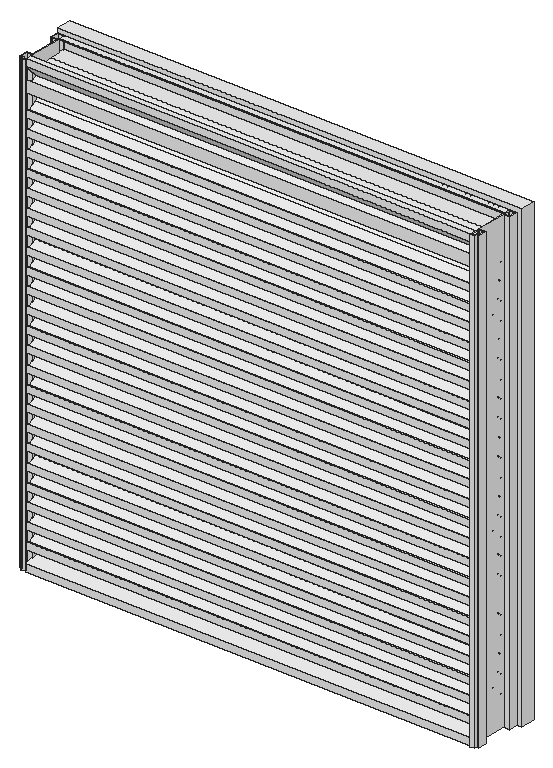
Revit family
Parameters
  Weight = "7 lb/sq.ft."  # constant formula
  Warranty = "All materials and workmanship are warranted for a period of 1 year from date of completion."  # constant formula
  URL = "http://www.industriallouvers.com"
  Surface Finish = "Aluminum, Anodized, or Kynar finish"  # constant formula
  Support Material = Aluminum
  Subcategory = "Hurricane – Florida Approved"  # constant formula
  Static Pressure Loss = ".15” of water gage @ an air flow of 737.9 FPM free area velocity"  # constant formula
  Specifications  URL = "http://www.industriallouvers.com/downloads/Hurricane/SP537DC_SD.doc"
  Screen Width [instance] = Louver Width - 0' 0 1/2"  # 3' - 11 1/2"
  Screen Material = Screen Material
  Screen Height [instance] = Louver Height - 0' 0 1/2"  # 3' - 11 1/2"
  SMARTBIM URL = "http://www.SMARTBIM.com"
  SMARTBIM Object Version = 3  # constant formula
  SMARTBIM Object Created By = "SMARTBIM, LLC"  # constant formula
  SMARTBIM Contact = "mailto:SMARTBIM@SMARTBIM.com"
  Product Submittal URL = "http://www.industriallouvers.com/downloads/Hurricane/SP537DC_PS.pdf"
  Product Page URL = "http://www.industriallouvers.com/lv_hfa.php  "
  Model = "SP537DC"  # constant formula
  Minimum Height = 1' - 0"  # constant formula
  Miami Dade County = "NOA # 08-0513.08"  # constant formula
  Maximum Water Penetration = ".01 oz at an air flow of 1160.6 FPM"  # constant formula
  Maximum Size - Single Section = "One dimension not to exceed 78\" or 300 lbs"
  Max. Design Load = "120 PSF"  # constant formula
  Material = "Aluminum"  # constant formula
  Manufacturer Toll Free Phone = "1-800-328-3421"  # constant formula
  Manufacturer Phone = "763-972-2981"  # constant formula
  Manufacturer Fax = "763-972-2911"  # constant formula
  Manufacturer Email = "mailto:ilinfo@industriallouvers.com"
  Manufacturer Address = "511 S. 7th Street, Delano, MN 55328"  # constant formula
  Manufacturer = "Industrial Louvers, Inc."  # constant formula
  Maintenance = "http://www.industriallouvers.com/prod-forms/Maintenance%20Instructions.pdf"
  Louver Width [instance] = 4' - 0"
  Louver Height [instance] = 4' - 0"
  Intake Capacity (CFM) @ Class A Rating 50mph = "7435 CFM"  # constant formula
  Intake Capacity (CFM) @ Class A Rating 29mph = "7243 CFM"  # constant formula
  Intake Capacity (CFM) @ Class A Rating = "5166 CFM"  # constant formula
  Installation URL = ""
  Height [instance] = if(Louver Height < 1' 0", 1' 0", Louver Height)  # 4' - 0"
  Free Area for 48”x48” Louver = "50.9%"  # constant formula
  Free Area Velocity (fpm) @ Class A Rating 50mph = "1192 FPM"  # constant formula
  Free Area Velocity (fpm) @ Class A Rating 29mph = "1161 FPM"  # constant formula
  Free Area Velocity (fpm) @ Class A Rating = "848 FPM"  # constant formula
  Free Area (ft²) for 48" x 48" Louver = "8.15"  # constant formula
  Frame Material = Aluminum
  Florida Building Code Approval = "NOA # 08-0513.08"  # constant formula
  Description = "Hurricane – Florida Approved "  # constant formula
  Depth = 0' - 5"  # constant formula
  Default Elevation = 0' - 0"
  Cost Info = "Contact Factory"  # constant formula
  CAD Drawings = "http://www.industriallouvers.com/downloads/Hurricane/SP537DC_ACD.dwg"
  Blade Width [instance] = Louver Width - 0' 1 1/2"  # 3' - 10 1/2"
  Blade Region Height [instance] = (Blade Count) * 0' 1 13/16"  # 3' - 5 11/16"
  Blade Material = Aluminum
  Blade Count [instance] = if(Louver Height < 1' 0", (1' 0" - 0' 5 3/4") / 0' 1 13/16", (Louver Height - 0' 5 3/4") / 0' 1 13/16")  # 23
  Assembly Code = "B2010300"
  95 CSI = "10200"  # constant formula
  04 CSI = "08 91 00"  # constant formula
Reference planes (in)
  plane 1 "Center (Front/Back)": y = -0.11
  plane 2: z = 0
  plane 3 "Center (Left/Right)": x = 0
  plane 4: x = -24
  plane 5: x = 24
  plane 6: x = -23.25
  plane 7: x = 23.25
  plane 8 "Back of Blade": y = 2.45187
  plane 9: z = 2.33975
  plane 10: z = 44.02725
  plane 11: z = 48.5
  plane 12 "Back of Screen": y = 2.79687
  plane 13: z = 47
  plane 14: y = 2.85687
  plane 15: z = 48.375
  plane 16: z = 0.125
  plane 17: y = 4.35687
  plane 18 "Front of Louver": y = -2.67188
  plane 19: z = 48.25
  plane 20: z = 0.25
  plane 21: y = 2.37087
  plane 22: x = -24.25
  plane 23: x = 24.25
Forms (in)
  Extrusion 1, solid, material "Aluminum" <- "Frame Material"
    sketch origin (-10, 22.75594, 29.61826) x (1, 0, 0) y (0, 1, 0)
      loop
        line (33.75, -25.42782) -> (33.75, -25.17782) -> (34, -25.17782) -> (34, -24.34807) -> (33.331, -24.34807) -> (33.331, -21.17782) -> (34, -21.17782) -> (34, -20.30407) -> (33.25, -20.30407) -> (33.25, -20.38507) -> (33.91797, -20.38507) -> (33.91797, -21.09682) -> (33.25, -21.09682) -> (33.25, -24.42901) -> (33.919, -24.42901) -> (33.919, -25.09578) -> (33.669, -25.09578) -> (33.669, -25.34807) -> (33.25, -25.34807) -> (33.25, -25.42782) -> (33.75, -25.42782)
    from -29.36826 to 18.63174
  Extrusion 2, solid, material "Aluminum" <- "Frame Material"
    sketch origin (10, -22.75594, 29.61826) x (-1, 0, 0) y (0, -1, 0)
      loop
        line (33.75, -20.08407) -> (33.25, -20.08407) -> (33.25, -20.16381) -> (33.669, -20.16381) -> (33.669, -20.4161) -> (33.919, -20.4161) -> (33.919, -21.08287) -> (33.25, -21.08287) -> (33.25, -24.41507) -> (33.91797, -24.41507) -> (33.91797, -25.14481) -> (33.25, -25.14481) -> (33.25, -25.20781) -> (34, -25.20781) -> (34, -24.33407) -> (33.331, -24.33407) -> (33.331, -21.16381) -> (34, -21.16381) -> (34, -20.33407) -> (33.75, -20.33407) -> (33.75, -20.08407)
    from -29.28726 to 18.63174
  Sweep 3, solid, material "Aluminum" <- "Support Material"
    path origin (0, -0.11, 0) x (1, 0, 0) y (0, 0, 1)
      loop
        line (-24.25, 48.5) -> (-24.25, 0) -> (24.25, 0) -> (24.25, 48.5) -> (-24.25, 48.5)
    profile origin (0, -0.11, 48.5) x (0, 0, 1) y (0, -1, 0)
      loop
        line (0, -2.96687) -> (-1.5, -2.96687) -> (-1.5, -3.09187) -> (-0.125, -3.09187) -> (-0.125, -4.46687) -> (0, -4.46687) -> (0, -2.96687)
  Extrusion 4, solid, material "Aluminum" <- "Frame Material"
    sketch origin (0, -23.956, 12.25956) x (0, 1, 0) y (0, 0, 1)
      loop
        line (21.40787, 34.08044) -> (21.40787, 32.83044) -> (22.50924, 33.86904)
        arc (22.50924, 33.86904) -> (23.46016, 34.47461) -> (24.56745, 34.68644) r 3
        line (24.56745, 34.68644) -> (26.32687, 34.68644) -> (26.32687, 33.02599) -> (26.06315, 33.28972) -> (26.00587, 33.23244) -> (26.40787, 32.83044) -> (26.40787, 35.99044) -> (25.78287, 35.99044) -> (25.78287, 35.90944) -> (26.32687, 35.90944) -> (26.32687, 34.76744) -> (24.56745, 34.76744)
        arc (24.56745, 34.76744) -> (23.53357, 34.58879) -> (22.61958, 34.07357) r 3.081
        line (22.61958, 34.07357) -> (21.48887, 35.27261) -> (21.48887, 35.90944) -> (22.03287, 35.90944) -> (22.03287, 35.99044) -> (21.40787, 35.99044) -> (21.40787, 35.24044) -> (22.55523, 34.02375) -> (21.48887, 33.01816) -> (21.48887, 33.99944) -> (21.40787, 34.08044)
    from -23.25 to 23.25
  Extrusion 5, solid, material "Aluminum" <- "Frame Material"
    sketch origin (0, 13.3807, 7.39335) x (0, 1, 0) y (0, 0, 1)
      loop
        line (-11.00983, -4.30335) -> (-11.00983, -5.0536) -> (-16.00983, -6.39335) -> (-16.00983, -7.14335) -> (-15.38483, -7.14335) -> (-15.38483, -7.06235) -> (-15.92883, -7.06235) -> (-15.92883, -6.4555) -> (-15.27733, -6.28093) -> (-14.84233, -6.28093) -> (-14.84233, -6.16437) -> (-11.94783, -5.38879) -> (-11.51283, -5.38879) -> (-11.51283, -5.27224) -> (-11.00983, -5.13746) -> (-11.00983, -7.06235) -> (-11.17883, -7.06235) -> (-11.17883, -7.14335) -> (-10.92883, -7.14335) -> (-10.92883, -4.30335) -> (-11.00983, -4.30335)
    from -23.25 to 23.25
Cuts and joins
  joined: Extrusion 1, Extrusion 2
Dimensions and locks (in)
  equal spacing: plane 4, plane 3 "Center (Left/Right)", plane 5
  "Louver Width": plane 4 to plane 5
  locked: plane 4 to plane 6 at 0.75
  locked: plane 7 to plane 5 at 0.75
  "Blade Region Height": plane 10 to plane 9
  locked: plane 9 to level at 2.33975
  "Louver Height": plane 19 to plane 20
  locked: plane 17 to plane 12 "Back of Screen" at 1.56
  locked: plane 11 to plane 13 at 1.5
  locked: plane 11 to plane 15 at 0.125
  locked: plane 16 to level at 0.125
  locked: plane 12 "Back of Screen" to plane 8 "Back of Blade" at 0.345
  equal spacing: plane 8 "Back of Blade", plane 1 "Center (Front/Back)", plane 18 "Front of Louver"
  locked: plane 11 to plane 19 at 0.25
  locked: plane 20 to level at 0.25
  locked: plane 14 to plane 12 "Back of Screen" at 0.06
  locked: plane 20 to Extrusion 5 sketch curve at 0.081  (x2)
  locked: plane 20 to Extrusion 5 sketch curve at 2.84
  locked: plane 20 to Extrusion 5 sketch curve at 1.75455
  locked: plane 20 to Extrusion 5 sketch curve at 0.86242
  locked: plane 20 to Extrusion 5 sketch curve at 2.08975
  locked: Extrusion 5 sketch curve to Extrusion 5 sketch curve at 0.081
  locked: plane 8 "Back of Blade" to plane 21 at 0.081
  equal spacing: group 1, group 3, group 4, group 5, group 6, group 7, group 8, group 9, group 10, group 11, group 12, group 13, group 14, group 15, group 16, group 17, group 18, group 19, group 20, group 21, group 22, group 23, group 2  (x3)
  locked: plane 5 to plane 23 at 0.25
  locked: plane 22 to plane 4 at 0.25
  plane 9 to level = 0' - 2.33975"
  aligned and locked: nested 1 to plane 12 "Back of Screen"
  aligned and locked: nested 1 to plane 8 "Back of Blade"
  aligned: plane 11 to Extrusion 1
  aligned: Extrusion 1 to level
  aligned: Extrusion 2 to level
  aligned: plane 11 to Extrusion 2
  aligned and locked: plane 3 "Center (Left/Right)" to nested 2
  aligned and locked: plane 3 "Center (Left/Right)" to nested 1
  aligned and locked: Extrusion 1 sketch curve to nested 1
  aligned and locked: plane 20 to nested 1
  aligned and locked: Extrusion 4 to plane 6
  aligned and locked: plane 7 to Extrusion 4
  aligned and locked: plane 20 to Extrusion 5 sketch curve
  aligned and locked: Extrusion 5 sketch curve to plane 20
  aligned and locked: plane 9 to nested 2
  aligned and locked: plane 21 to nested 2
  aligned and locked: plane 10 to nested 3
  aligned and locked: Extrusion 5 to plane 6
  aligned and locked: plane 7 to Extrusion 5
  aligned and locked: plane 23 to Sweep 3 sketch curve
  aligned and locked: plane 22 to Sweep 3 sketch curve
  aligned and locked: Sweep 3 sketch curve to plane 11
  aligned and locked: Sweep 3 sketch curve to level
  aligned and locked: Extrusion 2 to plane 19
  aligned and locked: Extrusion 2 to Extrusion 5
  aligned and locked: plane 20 to cut or joined group of Extrusion 1, Extrusion 2
  aligned and locked: cut or joined group of Extrusion 1, Extrusion 2 to plane 19  (x2)
  aligned and locked: nested 1 to plane 13
  aligned and locked: nested 1 to plane 20
Automatic sketch dimensions
  Extrusion 1 sketch curve to plane 7 = 0' - 0"  (x3)
  plane 18 "Front of Louver" to Extrusion 1 sketch curve = 0' - 0"
  Extrusion 1 sketch curve to plane 5 = 0' - 0"  (x2)
  plane 7 to Extrusion 1 sketch curve = 0' - 0.081"
  Extrusion 1 sketch curve to plane 5 = 0' - 0.331"
  Extrusion 1 sketch curve to Extrusion 1 sketch curve = 0' - 0.081"  (x2)
  Extrusion 1 sketch curve to plane 5 = 0' - 0 21/256"
  Extrusion 1 sketch curve to plane 5 = 0' - 0.081"
  Extrusion 1 sketch curve to plane 18 "Front of Louver" = 0' - 0.07975"
  Extrusion 1 sketch curve to plane 18 "Front of Louver" = 0' - 0 1/4"
  Extrusion 1 sketch curve to Extrusion 1 sketch curve = 0' - 0 21/256"
  Extrusion 1 sketch curve to Extrusion 1 sketch curve = 0' - 0.66678"
  Extrusion 1 sketch curve to Extrusion 1 sketch curve = 0' - 0.08094"
  Extrusion 1 sketch curve to plane 8 "Back of Blade" = 0' - 0.87375"
  Extrusion 1 sketch curve to plane 8 "Back of Blade" = 0' - 0.081"
  Extrusion 2 sketch curve to plane 6 = 0' - 0"  (x3)
  plane 18 "Front of Louver" to Extrusion 2 sketch curve = 0' - 0"
  Extrusion 2 sketch curve to plane 4 = 0' - 0"  (x2)
  Extrusion 2 sketch curve to plane 8 "Back of Blade" = 0' - 0"
  Extrusion 2 sketch curve to plane 6 = 0' - 0.081"
  plane 4 to Extrusion 2 sketch curve = 0' - 0.331"
  Extrusion 2 sketch curve to Extrusion 2 sketch curve = 0' - 0.081"  (x2)
  plane 4 to Extrusion 2 sketch curve = 0' - 0 21/256"
  plane 4 to Extrusion 2 sketch curve = 0' - 0.081"
  Extrusion 2 sketch curve to Extrusion 2 sketch curve = 0' - 0.063"
  Extrusion 2 sketch curve to Extrusion 2 sketch curve = 0' - 0.72975"
  Extrusion 2 sketch curve to plane 18 "Front of Louver" = 0' - 1.07975"
  Extrusion 2 sketch curve to Extrusion 2 sketch curve = 0' - 0.08094"
  Extrusion 2 sketch curve to plane 18 "Front of Louver" = 0' - 0 85/256"
  Extrusion 2 sketch curve to Extrusion 2 sketch curve = 0' - 0 21/256"
  Extrusion 2 sketch curve to plane 18 "Front of Louver" = 0' - 0.07975"
  profile plane to Sweep 3 sketch curve = 0' - 0"
  profile plane to Sweep 3 sketch curve = 0' - 0 1/8"
  Sweep 3 sketch curve to Sweep 3 sketch curve = 0' - 1 3/8"  (x2)
  Sweep 3 sketch curve to plane 1 "Center (Front/Back)" = 0' - 4.46687"
  Sweep 3 sketch curve to Sweep 3 sketch curve = 0' - 0 1/8"
  Extrusion 4 sketch curve to Extrusion 4 sketch curve = 0' - 0"  (x2)
  plane 19 to Extrusion 4 sketch curve = 0' - 0"  (x2)
  Extrusion 4 sketch curve to plane 8 "Back of Blade" = 0' - 0"
  Extrusion 4 sketch curve to plane 8 "Back of Blade" = 0' - 0.081"  (x2)
  Extrusion 4 sketch curve to plane 8 "Back of Blade" = 0' - 0.34472"
  Extrusion 4 sketch curve to Extrusion 4 sketch curve = 0' - 0.05728"  (x2)
  plane 19 to Extrusion 4 sketch curve = 0' - 0.081"  (x2)
  Extrusion 4 sketch curve to Extrusion 4 sketch curve = 0' - 0.544"
  Extrusion 4 sketch curve to plane 13 = 0' - 0.054"
  Extrusion 4 sketch curve to plane 1 "Center (Front/Back)" = 0' - 0.72146"
  plane 1 "Center (Front/Back)" to Extrusion 4 sketch curve = 0' - 1.22641"
  Extrusion 4 sketch curve to Extrusion 4 sketch curve = 0' - 0.06436"
  Extrusion 4 sketch curve to Extrusion 4 sketch curve = 0' - 0.04599"
  Extrusion 4 sketch curve to plane 18 "Front of Louver" = 0' - 0.74875"
  Extrusion 4 sketch curve to plane 18 "Front of Louver" = 0' - 0.20475"  (x2)
  Extrusion 4 sketch curve to plane 18 "Front of Louver" = 0' - 0.12375"
  Extrusion 4 sketch curve to Extrusion 4 sketch curve = 0' - 0.081"  (x2)
  Extrusion 4 sketch curve to plane 13 = 0' - 0.66"
  Extrusion 4 sketch curve to plane 13 = 0' - 0.66688"
  Extrusion 4 sketch curve to Extrusion 4 sketch curve = 0' - 0.04982"
  Extrusion 4 sketch curve to Extrusion 4 sketch curve = 0' - 0.15471"
  Extrusion 4 sketch curve to Extrusion 4 sketch curve = 0' - 1.39672"
  Extrusion 4 sketch curve to Extrusion 4 sketch curve = 0' - 0.98128"
  Extrusion 4 sketch curve to Extrusion 4 sketch curve = 0' - 0.18772"
  Extrusion 4 sketch curve to Extrusion 4 sketch curve = 0' - 0.03217"
  Extrusion 5 sketch curve to plane 8 "Back of Blade" = 0' - 0"
  Extrusion 5 sketch curve to plane 8 "Back of Blade" = 0' - 0.081"  (x2)
  Extrusion 5 sketch curve to Extrusion 5 sketch curve = 0' - 0.169"
  Extrusion 5 sketch curve to Extrusion 5 sketch curve = 0' - 0.503"
  Extrusion 5 sketch curve to Extrusion 5 sketch curve = 0' - 0.435"  (x2)
  Extrusion 5 sketch curve to plane 18 "Front of Louver" = 0' - 0.66775"
  Extrusion 5 sketch curve to plane 18 "Front of Louver" = 0' - 0.12375"
  Extrusion 5 sketch curve to plane 18 "Front of Louver" = 0' - 0.04275"
  Extrusion 5 sketch curve to Extrusion 5 sketch curve = 0' - 0.06215"
  Extrusion 5 sketch curve to Extrusion 5 sketch curve = 0' - 0.11656"  (x2)
  Extrusion 5 sketch curve to Extrusion 5 sketch curve = 0' - 0.08386"
Nested families (in)
  nested 1: "Louver Screen" at (18, 2.45187, 0.25), Height <- "Screen Height", Width <- "Screen Width", type "Louver Screen"
    with Width 3' - 11 1/2", Height 3' - 11 1/2", Depth 0' - 0.345"
  nested 2: "Louver-Blade_SP537DC_IndustrialLouver" at (0, 2.37087, 2.33975), type "Louver-Blade_SP537DC_IndustrialLouver"
    with Width 3' - 10 1/2"
  nested 3: "Louver-Blade_SP537DC_IndustrialLouver" at (0, 2.37087, 42.8), type "Louver-Blade_SP537DC_IndustrialLouver"
    with Width 3' - 10 1/2"
  nested 4: "Louver-Blade_SP537DC_IndustrialLouver" at (0, 2.37087, 4.17885), type "Louver-Blade_SP537DC_IndustrialLouver"
    with Width 3' - 10 1/2"
  nested 5: "Louver-Blade_SP537DC_IndustrialLouver" at (0, 2.37087, 6.01795), type "Louver-Blade_SP537DC_IndustrialLouver"
    with Width 3' - 10 1/2"
  nested 6: "Louver-Blade_SP537DC_IndustrialLouver" at (0, 2.37087, 7.85705), type "Louver-Blade_SP537DC_IndustrialLouver"
    with Width 3' - 10 1/2"
  nested 7: "Louver-Blade_SP537DC_IndustrialLouver" at (0, 2.37087, 9.69615), type "Louver-Blade_SP537DC_IndustrialLouver"
    with Width 3' - 10 1/2"
  nested 8: "Louver-Blade_SP537DC_IndustrialLouver" at (0, 2.37087, 11.53526), type "Louver-Blade_SP537DC_IndustrialLouver"
    with Width 3' - 10 1/2"
  nested 9: "Louver-Blade_SP537DC_IndustrialLouver" at (0, 2.37087, 13.37436), type "Louver-Blade_SP537DC_IndustrialLouver"
    with Width 3' - 10 1/2"
  nested 10: "Louver-Blade_SP537DC_IndustrialLouver" at (0, 2.37087, 15.21346), type "Louver-Blade_SP537DC_IndustrialLouver"
    with Width 3' - 10 1/2"
  nested 11: "Louver-Blade_SP537DC_IndustrialLouver" at (0, 2.37087, 17.05256), type "Louver-Blade_SP537DC_IndustrialLouver"
    with Width 3' - 10 1/2"
  nested 12: "Louver-Blade_SP537DC_IndustrialLouver" at (0, 2.37087, 18.89167), type "Louver-Blade_SP537DC_IndustrialLouver"
    with Width 3' - 10 1/2"
  nested 13: "Louver-Blade_SP537DC_IndustrialLouver" at (0, 2.37087, 20.73077), type "Louver-Blade_SP537DC_IndustrialLouver"
    with Width 3' - 10 1/2"
  nested 14: "Louver-Blade_SP537DC_IndustrialLouver" at (0, 2.37087, 22.56987), type "Louver-Blade_SP537DC_IndustrialLouver"
    with Width 3' - 10 1/2"
  nested 15: "Louver-Blade_SP537DC_IndustrialLouver" at (0, 2.37087, 24.40897), type "Louver-Blade_SP537DC_IndustrialLouver"
    with Width 3' - 10 1/2"
  nested 16: "Louver-Blade_SP537DC_IndustrialLouver" at (0, 2.37087, 26.24808), type "Louver-Blade_SP537DC_IndustrialLouver"
    with Width 3' - 10 1/2"
  nested 17: "Louver-Blade_SP537DC_IndustrialLouver" at (0, 2.37087, 28.08718), type "Louver-Blade_SP537DC_IndustrialLouver"
    with Width 3' - 10 1/2"
  nested 18: "Louver-Blade_SP537DC_IndustrialLouver" at (0, 2.37087, 29.92628), type "Louver-Blade_SP537DC_IndustrialLouver"
    with Width 3' - 10 1/2"
  nested 19: "Louver-Blade_SP537DC_IndustrialLouver" at (0, 2.37087, 31.76538), type "Louver-Blade_SP537DC_IndustrialLouver"
    with Width 3' - 10 1/2"
  nested 20: "Louver-Blade_SP537DC_IndustrialLouver" at (0, 2.37087, 33.60448), type "Louver-Blade_SP537DC_IndustrialLouver"
    with Width 3' - 10 1/2"
  nested 21: "Louver-Blade_SP537DC_IndustrialLouver" at (0, 2.37087, 35.44359), type "Louver-Blade_SP537DC_IndustrialLouver"
    with Width 3' - 10 1/2"
  nested 22: "Louver-Blade_SP537DC_IndustrialLouver" at (0, 2.37087, 37.28269), type "Louver-Blade_SP537DC_IndustrialLouver"
    with Width 3' - 10 1/2"
  nested 23: "Louver-Blade_SP537DC_IndustrialLouver" at (0, 2.37087, 39.12179), type "Louver-Blade_SP537DC_IndustrialLouver"
    with Width 3' - 10 1/2"
  nested 24: "Louver-Blade_SP537DC_IndustrialLouver" at (0, 2.37087, 40.96089), type "Louver-Blade_SP537DC_IndustrialLouver"
    with Width 3' - 10 1/2"
Connectors (in)
  hvac at (0, 2.98187, 24.25), driven by "Louver Width", driven by "Louver Height"
    settings: on Sweep 3, index 1, duct flow 0 CFM, flow factor 0, pres drop 0.00 in-wg, loss coef 0, conn angle 0.00°, conn width 48", conn height 48", conn radius 12", duct sys type 1, conn prof type 1, flow config 0, flow direction 0, loss method 0, conn ref index -1, conn util no, is conn primary yes, conn desc ""
Definition of nested family "Louver Screen"
  Parameters (values of type "Louver Screen")
    Width [instance] = 5' - 0"
    Screen Frame = Aluminum
    Screen = Screen Material
    Height [instance] = 2' - 0"
    Depth [instance] = 0' - 0 115/256"
  Reference planes (in)
    plane 1 "Front": y = 0
    plane 2: z = 0
    plane 3 "Center (Left/Right)": x = -18
    plane 4: x = -48
    plane 5: x = 12
    plane 6: z = 24
    plane 7: x = -47.25
    plane 8: x = 11.25
    plane 9: z = 23.25
    plane 10: z = 0.75
    plane 11 "Back": y = 0.44922
    plane 12 "Center (Front/Back)": y = 0.22461
    plane 13: y = 0.19336
    plane 14: y = 0.25586
  Forms (in)
    Sweep 1, solid, material "Aluminum" <- "Screen Frame"
      path origin (0, 0, 0) x (1, 0, 0) y (0, 0, 1)
        loop
          line (-48, 24) -> (-48, 0) -> (12, 0) -> (12, 24) -> (-48, 24)
      profile origin (-18, 0, 24) x (0, 0, 1) y (0, -1, 0)
        loop
          line (0, 0) -> (-0.75, 0) -> (-0.75, -0.44922) -> (0, -0.44922) -> (0, 0)
    Extrusion 2, solid, material "Screen Material" <- "Screen"
      sketch origin (0, 0, 0) x (1, 0, 0) y (0, 0, 1)
        loop
          line (-47.25, 0.75) -> (11.25, 0.75) -> (11.25, 23.25) -> (-47.25, 23.25) -> (-47.25, 0.75)
      from -0.19336 to -0.25586
  Dimensions and locks (in)
    equal spacing: plane 4, plane 3 "Center (Left/Right)", plane 5
    "Width": plane 4 to plane 5
    "Height": plane 6 to level
    locked: Sweep 1 sketch curve to Sweep 1 sketch curve at 0.75
    locked: plane 6 to plane 9 at 0.75
    locked: plane 4 to plane 7 at 0.75
    locked: plane 5 to plane 8 at 0.75
    locked: plane 10 to level at 0.75
    "Depth": plane 1 "Front" to plane 11 "Back"
    equal spacing: plane 1 "Front", plane 12 "Center (Front/Back)", plane 11 "Back"
    plane 14 to plane 12 "Center (Front/Back)" to plane 13 = 0' - 0 1/32" locked, 0' - 0 1/32" locked
    aligned and locked: Sweep 1 sketch curve to plane 6
    aligned and locked: Sweep 1 sketch curve to plane 4
    aligned and locked: Sweep 1 sketch curve to level
    aligned and locked: Sweep 1 sketch curve to plane 5
    aligned and locked: Extrusion 2 sketch curve to plane 7
    aligned and locked: Extrusion 2 sketch curve to plane 9
    aligned and locked: Extrusion 2 sketch curve to plane 10
    aligned and locked: Extrusion 2 sketch curve to plane 8
    aligned and locked: plane 11 "Back" to Sweep 1
    aligned and locked: plane 1 "Front" to Sweep 1 sketch curve
    aligned and locked: plane 11 "Back" to Sweep 1 sketch curve
    aligned and locked: plane 14 to Extrusion 2
    aligned and locked: Extrusion 2 to plane 13
  Automatic sketch dimensions
    profile plane to Sweep 1 sketch curve = 0' - 0"
Definition of nested family "Louver-Blade_SP537DC_IndustrialLouver"
  Parameters (values of type "Louver-Blade_SP537_IndustrialLouver")
    Width = 1' - 10 1/2"
    Blade Material = Aluminum
    Assembly Code = ""
  Reference planes (in)
    plane 1 "Center (Front/Back)": y = 0
    plane 2: z = 0
    plane 3 "Center (Left/Right)": x = 0
    plane 4: x = -11.25
    plane 5: x = 11.25
    plane 6: z = 1.34135
    plane 7: z = 2.4545
    plane 8: z = 1.22725
  Forms (in)
    Extrusion 1, solid, material "Aluminum" <- "Blade Material"
      sketch origin (0, 0, 0) x (0, 1, 0) y (0, 0, 1)
        loop
          line (-1.83036, 1.83465) -> (-1.09385, 1.11305)
          arc (-1.09385, 1.11305) -> (-0.61979, 0.79464) -> (-0.063, 0.66777) r 1.563
          line (-0.063, 0.66777) -> (-0.063, 0.1316) -> (-0.35355, 0.42215) -> (-0.3981, 0.3776) -> (0, -0.0205) -> (0, 0.7295)
          arc (0, 0.7295) -> (-0.56693, 0.84076) -> (-1.04976, 1.15805) r 1.5
          line (-1.04976, 1.15805) -> (-2.373, 2.4545)
          arc (-2.373, 2.4545) -> (-2.61798, 2.31567) -> (-2.83271, 2.1335) r 1.50039
          line (-2.83271, 2.1335) -> (-2.74275, 2.1335)
          arc (-2.74275, 2.1335) -> (-2.57364, 2.26975) -> (-2.38592, 2.37896) r 1.43739
          line (-2.38592, 2.37896) -> (-1.89256, 1.89559)
          arc (-1.89256, 1.89559) -> (-2.95109, 1.65701) -> (-3.86002, 1.06433) r 3.063
          line (-3.86002, 1.06433) -> (-4.856, 0.12547) -> (-4.856, 0.7295) -> (-4.919, 0.7295) -> (-4.919, -0.0205) -> (-3.8168, 1.01849)
          arc (-3.8168, 1.01849) -> (-2.89912, 1.61041) -> (-1.83036, 1.83465) r 3
      from -11.25 to 11.25
  Dimensions and locks (in)
    equal spacing: plane 4, plane 3 "Center (Left/Right)", plane 5
    "Width": plane 4 to plane 5
    equal spacing: plane 7, plane 8, level
    locked: plane 7 to level at 2.4545
    aligned and locked: Extrusion 1 to plane 4
    aligned and locked: plane 5 to Extrusion 1
  Automatic sketch dimensions
    Extrusion 1 sketch curve to level = 0' - 0.0205"  (x2)
    level to Extrusion 1 sketch curve = 0' - 0.12547"
    Extrusion 1 sketch curve to Extrusion 1 sketch curve = 0' - 0.063"
    plane 6 to Extrusion 1 sketch curve = 0' - 0.27701"
    Extrusion 1 sketch curve to Extrusion 1 sketch curve = 0' - 1.05898"
    Extrusion 1 sketch curve to Extrusion 1 sketch curve = 0' - 0.04321"
    plane 6 to Extrusion 1 sketch curve = 0' - 0.32286"
    Extrusion 1 sketch curve to Extrusion 1 sketch curve = 0' - 0.60403"
    Extrusion 1 sketch curve to Extrusion 1 sketch curve = 0' - 0"  (x6)
    Extrusion 1 sketch curve to Extrusion 1 sketch curve = 0' - 1.00235"
    Extrusion 1 sketch curve to Extrusion 1 sketch curve = 0' - 0.08996"
    Extrusion 1 sketch curve to Extrusion 1 sketch curve = 0' - 0.01292"
    Extrusion 1 sketch curve to Extrusion 1 sketch curve = 0' - 0.06219"
    Extrusion 1 sketch curve to plane 6 = 0' - 0.49331"
    plane 6 to Extrusion 1 sketch curve = 0' - 0.25585"
    plane 6 to Extrusion 1 sketch curve = 0' - 0.2283"
    Extrusion 1 sketch curve to Extrusion 1 sketch curve = 0' - 0.66515"
    plane 6 to Extrusion 1 sketch curve = 0' - 0.1833"
    Extrusion 1 sketch curve to Extrusion 1 sketch curve = 0' - 0.04409"
    Extrusion 1 sketch curve to Extrusion 1 sketch curve = 0' - 0.04455"  (x2)
    plane 1 "Center (Front/Back)" to Extrusion 1 sketch curve = 0' - 0.063"
    plane 1 "Center (Front/Back)" to Extrusion 1 sketch curve = 0' - 0"
    Extrusion 1 sketch curve to Extrusion 1 sketch curve = 0' - 1.144"
    Extrusion 1 sketch curve to Extrusion 1 sketch curve = 0' - 0.24601"
    Extrusion 1 sketch curve to Extrusion 1 sketch curve = 0' - 0.53617"
    Extrusion 1 sketch curve to Extrusion 1 sketch curve = 0' - 0.06173"
    Extrusion 1 sketch curve to Extrusion 1 sketch curve = 0' - 0.07136"
    Extrusion 1 sketch curve to Extrusion 1 sketch curve = 0' - 0.36975"
    Extrusion 1 sketch curve to Extrusion 1 sketch curve = 0' - 0.98409"
    Extrusion 1 sketch curve to plane 7 = 0' - 0"
